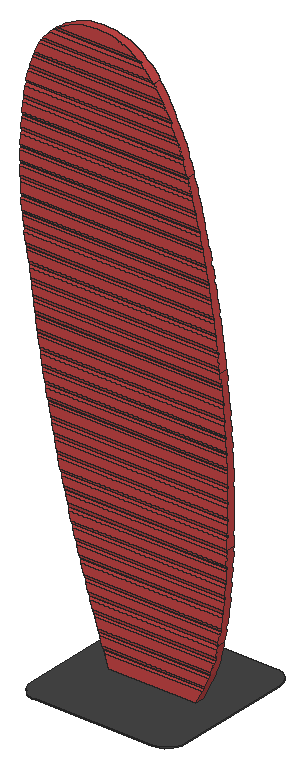
Revit family "Haworth_BuzziPlant_Surf", category Furniture, Revit 2018 (continued)
Automatic sketch dimensions
  Extrusion 35 sketch curve to Extrusion 35 sketch curve = 0.01813"  (x2)
  Extrusion 35 sketch curve to Extrusion 35 sketch curve = 1.75558"  (x2)
  Extrusion 36 sketch curve to plane 9 "Front Surface" = 0.45411"
  plane 9 "Front Surface" to Extrusion 36 sketch curve = 0.05376"
  Extrusion 36 sketch curve to Extrusion 36 sketch curve = 0.05792"
  Extrusion 36 sketch curve to Extrusion 36 sketch curve = 0.00017"  (x2)
  Extrusion 36 sketch curve to plane 10 "Back Surface" = 0.11185"
  Extrusion 36 sketch curve to plane 10 "Back Surface" = 0.05376"
  plane 10 "Back Surface" to Extrusion 36 sketch curve = 0.45411"
  plane 11 "Base Top" to Extrusion 36 sketch curve = 10.85042"
  Extrusion 36 sketch curve to Extrusion 36 sketch curve = 0"  (x2)
  Extrusion 36 sketch curve to Extrusion 36 sketch curve = 1.81353"
  Extrusion 36 sketch curve to Extrusion 36 sketch curve = 0.01813"  (x2)
  Extrusion 36 sketch curve to Extrusion 36 sketch curve = 1.75558"  (x2)
  Extrusion 37 sketch curve to plane 9 "Front Surface" = 0.45411"
  plane 9 "Front Surface" to Extrusion 37 sketch curve = 0.05376"
  Extrusion 37 sketch curve to Extrusion 37 sketch curve = 0.05792"
  Extrusion 37 sketch curve to Extrusion 37 sketch curve = 0.00017"  (x2)
  Extrusion 37 sketch curve to plane 10 "Back Surface" = 0.11185"
  Extrusion 37 sketch curve to plane 10 "Back Surface" = 0.05376"
  plane 10 "Back Surface" to Extrusion 37 sketch curve = 0.45411"
  plane 11 "Base Top" to Extrusion 37 sketch curve = 9.10042"
  Extrusion 37 sketch curve to Extrusion 37 sketch curve = 0"  (x2)
  Extrusion 37 sketch curve to Extrusion 37 sketch curve = 1.81353"
  Extrusion 37 sketch curve to Extrusion 37 sketch curve = 0.01813"  (x2)
  Extrusion 37 sketch curve to Extrusion 37 sketch curve = 1.75558"  (x2)
  Extrusion 38 sketch curve to plane 9 "Front Surface" = 0.45411"
  plane 9 "Front Surface" to Extrusion 38 sketch curve = 0.05376"
  Extrusion 38 sketch curve to Extrusion 38 sketch curve = 0.05792"
  Extrusion 38 sketch curve to Extrusion 38 sketch curve = 0.00017"  (x2)
  Extrusion 38 sketch curve to plane 10 "Back Surface" = 0.11185"
  Extrusion 38 sketch curve to plane 10 "Back Surface" = 0.05376"
  plane 10 "Back Surface" to Extrusion 38 sketch curve = 0.45411"
  plane 11 "Base Top" to Extrusion 38 sketch curve = 7.35042"
  Extrusion 38 sketch curve to Extrusion 38 sketch curve = 0"  (x2)
  Extrusion 38 sketch curve to Extrusion 38 sketch curve = 1.81353"
  Extrusion 38 sketch curve to Extrusion 38 sketch curve = 0.01813"  (x2)
  Extrusion 38 sketch curve to Extrusion 38 sketch curve = 1.75558"  (x2)
  Extrusion 39 sketch curve to plane 9 "Front Surface" = 0.45411"
  plane 9 "Front Surface" to Extrusion 39 sketch curve = 0.05376"
  Extrusion 39 sketch curve to Extrusion 39 sketch curve = 0.05792"
  Extrusion 39 sketch curve to Extrusion 39 sketch curve = 0.00017"  (x2)
  Extrusion 39 sketch curve to plane 10 "Back Surface" = 0.11185"
  Extrusion 39 sketch curve to plane 10 "Back Surface" = 0.05376"
  plane 10 "Back Surface" to Extrusion 39 sketch curve = 0.45411"
  plane 11 "Base Top" to Extrusion 39 sketch curve = 5.47839"
  Extrusion 39 sketch curve to Extrusion 39 sketch curve = 0"  (x2)
  Extrusion 39 sketch curve to Extrusion 39 sketch curve = 1.81353"
  Extrusion 39 sketch curve to Extrusion 39 sketch curve = 0.01813"  (x2)
  Extrusion 39 sketch curve to Extrusion 39 sketch curve = 1.75558"  (x2)
  plane 11 "Base Top" to Extrusion 40 sketch curve = 0.12249"  (x2)
  Extrusion 40 sketch curve to plane 9 "Front Surface" = 0.45411"
  plane 9 "Front Surface" to Extrusion 40 sketch curve = 0.05376"
  Extrusion 40 sketch curve to Extrusion 40 sketch curve = 0.05792"
  Extrusion 40 sketch curve to Extrusion 40 sketch curve = 0.00017"  (x2)
  Extrusion 40 sketch curve to plane 10 "Back Surface" = 0.11185"
  Extrusion 40 sketch curve to plane 10 "Back Surface" = 0.05376"
  plane 10 "Back Surface" to Extrusion 40 sketch curve = 0.45411"
  Extrusion 40 sketch curve to Extrusion 40 sketch curve = 1.75558"
  Extrusion 40 sketch curve to Extrusion 40 sketch curve = 0"
  Extrusion 40 sketch curve to Extrusion 40 sketch curve = 0.01867"  (x2)
  Extrusion 40 sketch curve to Extrusion 40 sketch curve = 1.81353"  (x2)
  Masking region 1 sketch curve to plane 3 "Back" = 0"
  plane 8 to Masking region 1 sketch curve = 4.2127"
  Masking region 1 sketch curve to plane 3 "Back" = 2 3/8"  (x2)
  Masking region 1 sketch curve to plane 6 "Right" = 2.30215"
  Masking region 1 sketch curve to plane 4 "Front" = 2 3/8"
  Masking region 1 sketch curve to plane 4 "Front" = 2.37336"
  plane 4 "Front" to Masking region 1 sketch curve = 0"
  Masking region 1 sketch curve to plane 9 "Front Surface" = 0"
  Masking region 1 sketch curve to plane 10 "Back Surface" = 0"
  plane 7 "Left" to Masking region 1 sketch curve = 0"
  Masking region 1 sketch curve to Masking region 1 sketch curve = 0"
  curve 1 to plane 10 "Back Surface" = 0"
  curve 2 to plane 9 "Front Surface" = 0"
  curve 1 to plane 7 "Left" = 6.01191"
  curve 1 to curve 2 = 0.01299"
  plane 6 "Right" to curve 2 = 0.07285"
  plane 6 "Right" to curve 1 = 0.07285"
